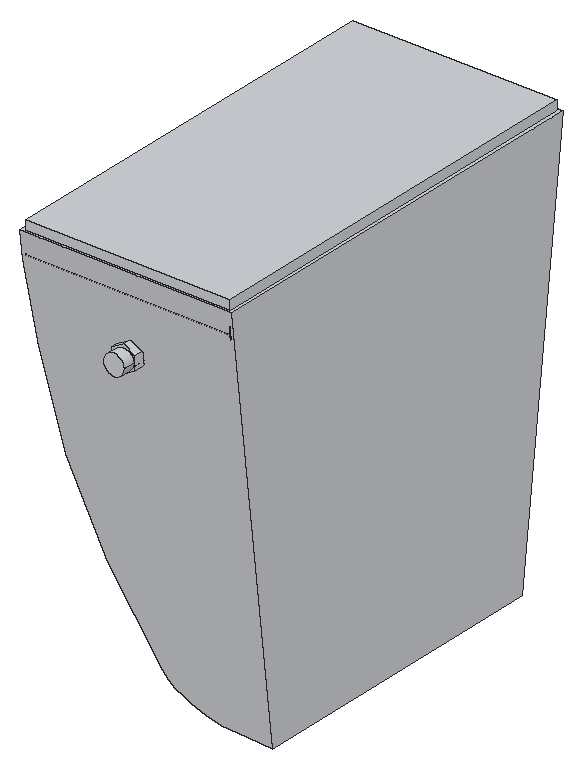
Revit family "0049944_2750lm", category Lighting Fixtures, host Face, Revit 2018
Family settings
  Host = Face
  Round Connector Dimension = Use Diameter
  Part Type = Normal
  OmniClass Number = 23.80.70.00
  OmniClass Title = Lighting
  Cut with Voids When Loaded = No
  Light Source = Yes
  Shared = No
  Room Calculation Point = No
Parameters (values of type "0049944 MURO SURF IP65 1700-3250LM 840 PH GR")
  Weight = "n/a"
  Wattage Comments = ""
  Wattage = 0 W
  WarrantyStartDate [instance] = "n/a"
  WarrantyGuarantorParts = "n/a"
  WarrantyDurationUnit = "n/a"
  WarrantyDurationParts = ""
  WarrantyDescription = "http://www.sylvania-lighting.com"
  built-in parameter 1150110 = 1 (stored number, unit not read)
  Voltage = 0 V
  URL = "0.9"
  TypeName = "Muro Surface IP65 1700-3250lm 840 PH Grey"
  Type Image = <None>
  Type Comments = "n/a"
  built-in parameter 1114217 = 1 (stored number, unit not read)
  Tilt Angle = -90.00°
  built-in parameter 1150109 = 1 (stored number, unit not read)
  built-in parameter 1150134 = 12
  built-in parameter 1150113 = 1 (stored number, unit not read)
  SerialNumber [instance] = "n/a"
  Photometric Web File = "0049944_2750lm.IES"
  Material_3_SYL = none
  PowerFactor = 0.95
  PowerConsumption = "Lighting"
  NominalLength = 155 mm
  NominalHeight = 305 mm
  NominalDepth = 155 mm
  Name = "Muro Surface IP65 1700-3250lm 840 PH Grey"
  ModelReference = Name  # "Muro Surface IP65 1700-3250lm 840 PH Grey"
  ModelNumber = "0049944"
  Model = Name  # "Muro Surface IP65 1700-3250lm 840 PH Grey"
  Material = "Feilo Sylvania"
  ManufacturerName = "116 lm/W"
  Manufacturer = ""
  LuminousEfficacy = ""
  built-in parameter 1150105 = (empty or 0)
  Lumens = 0 lm
  LuminaireType = "0"
  built-in parameter 1150115 = 1 (stored number, unit not read)
  LightOutputRatio = "LED"
  built-in parameter 1150137 = (empty or 0)
  built-in parameter 1150139 = (empty or 0)
  LampsType = Lamp  # "n/a"
  LampNominalLuminous = "4000 K"
  LampMacAdamStep = "80"
  LampColourTemperature = "LED"
  LampColourRenderingIndex = "16500"
  built-in parameter 1150112 = 1 (stored number, unit not read)
  built-in parameter 1150114 = 1 (stored number, unit not read)
  Lamp = "n/a"
  Keynote = "n/a"
  InstallationDate [instance] = "n/a"
  InputVoltage = "0"
  InputNominalFrequency = "4000"
  built-in parameter 1150132 = (empty or 0)
  built-in parameter 1150102 = (empty or 0)
  built-in parameter 1150107 = 4000 (stored number, unit not read)
  built-in parameter 1150138 = (empty or 0)
  IngressProtection = "IfcLightFixtureType"
  ImpactProtectionIndex = "IfcLightFixtureType"
  built-in parameter 1150106 = (empty or 0)
  IfcExportType = "IfcLightFixtureType"
  IfcExportAs = "Class I"
  Emit from Circle Diameter = 609.6 mm
  Emit Shape Visible in Rendering = no
  ElectricShockClassification = "116"
  built-in parameter 1150104 = 10.591 (stored number, unit not read)
  DocumentationLiterature = "http://www.sylvania-lighting.com/product/en-int/products/0049944"
  DimmingControlOptions = "n/a"
  Material_2_SYL = none
  Dimming Lamp Color Temperature Shift = <None>
  Description = "Muro Surface is a wall mounted fixture for exterior lighting applications. Comes with aluminium housing in RAL7016 anthracite grey colour, frosted PC diffuser, IP65, IK10, Class I, 4000K, non-dimmable multipower driver with 5 settings, 1700 / 1900 / 2750 / 3150 / 3250 lm, 14 / 16 / 24 / 27 / 28 W, up to 121 lm/W total system efficacy, switchable built in Mini photocell, CRI80, Asymmetrical beam, 119.000 hrs L70B50 lifespan, 304 x 305 x 155 mm (L x W x D) dimensions, 4.1 kg weight."
  Default Elevation = 1219.2 mm
  CreatedOn = "27/06/2022"
  CreatedBy = "@sylvania-lighting.com"
  Cost = 0
  Color Filter = 16777215
  built-in parameter 1114216 [instance] = (empty or 0)
  ClassificationValue = "EF_70_80"
  ClassificationName = "Uniclass2015"
  Material_1_SYL = none
  BarCode [instance] = "n/a"
  built-in parameter 1114218 = 1 (stored number, unit not read)
  built-in parameter 1150133 = 10 (stored number, unit not read)
  AssetType = "Fixed"
  AssetIdentifier [instance] = "n/a"
  Assembly Code = "D5020200"
  Apparent Load = 28 VA
  Material_4_SYL = none
Reference planes
  plane 1 "Center (Front/Back)": y = 0
  plane 2: z = 0
  plane 3 "Center (Left/Right)": x = 0
  plane 4: x = -78
  plane 5: x = 78
  plane 6: z = -305
  plane 7: y = 150
  plane 8: y = -150
  plane 9: x = -75
  plane 10: x = 75
  plane 11: y = 115
  plane 12: y = -115
  plane 13: z = -65
  plane 14: x = -2
Forms (mm)
  Extrusion 1, solid
    sketch origin (0, 0, 0) x (1, 0, 0) y (0, 0, 1)
      loop
        line (78, -310) -> (78, -6.48) -> (-78, -6.48) -> (-78, -26.48) -> (-72.235, -85.387)
        arc (-72.235, -85.387) -> (-48.397, -189.323) -> (-0.704, -284.698) r 448.659
        arc (-0.704, -284.698) -> (5.844, -292.285) -> (14.114, -297.948) r 38.9
        line (14.114, -297.948) -> (19.517, -300.701)
        arc (19.517, -300.701) -> (35.277, -306.672) -> (51.956, -309.091) r 77.403
        line (51.956, -309.091) -> (78, -310)
    from -152 to 152
  Extrusion 2, solid
    sketch origin (0, 0, 0) x (1, 0, 0) y (0, 1, 0)
      loop
        line (75, 150) -> (-75, 150) -> (-75, -150) -> (75, -150) -> (75, 150)
    from -26.48 to 0
  Extrusion 3, void
    sketch origin (319, 1524, 1219.2) x (0, 1, 0) y (0, 0, 1)
      loop
        line (-1412.802, -1554.876) -> (-1285.02, -1554.876) -> (-1262, -1225.68) -> (-1372, -1225.68) -> (-1412.802, -1554.876)
    from -490.123 to 1
  Extrusion 4, void
    sketch origin (319, -1524, 1219.2) x (0, -1, 0) y (0, 0, -1)
      loop
        line (-1412.802, 1554.876) -> (-1372, 1225.68) -> (-1262, 1225.68) -> (-1285.02, 1554.876) -> (-1412.802, 1554.876)
    from -490.123 to 1
  Extrusion 5, solid
    sketch origin (0, 0, 0) x (1, 0, 0) y (0, 0, 1)
      loop
        circle (-2, -65) r 7.5
    from 0 to 160.393
  Extrusion 6, solid
    sketch origin (0, 0, 0) x (1, 0, 0) y (0, 0, 1)
      loop
        line (-2, -55) -> (-10.66, -60) -> (-10.66, -70) -> (-2, -75) -> (6.66, -70) -> (6.66, -60) -> (-2, -55)
    from 0 to 152
Cuts and joins
  Extrusion 3, Extrusion 4 cuts Extrusion 1
  Extrusion 4 cuts Extrusion 2
Dimensions and locks
  aligned and locked: plane 2 to host face
  aligned and locked: level to host face
Connectors
  electrical at (78, 0, -158.24)
    settings: on cut or joined group of Extrusion 1, Extrusion 3, Extrusion 4, index 1, voltage 0 V, apparent load 0 VA, apparent load phase1 0 VA, apparent load phase2 0 VA, apparent load phase3 0 VA, power factor 1, load classification "Other", number of poles 1, system type 31, power factor state 1, is connector primary yes, connector utility no, sub classification motor no, connector description ""
